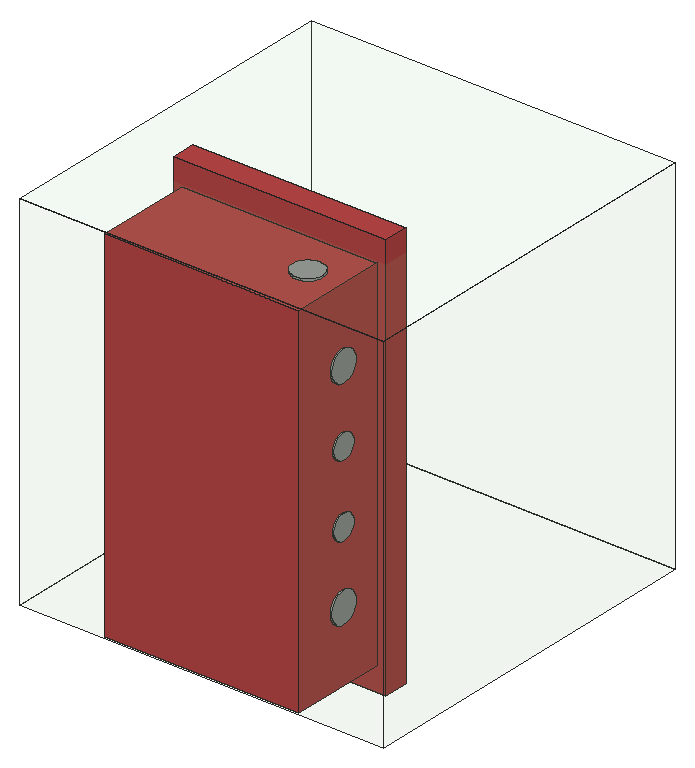
Revit family "ZETA_Коробка_Клемная_КСМР-20_IP54", category Электрические приборы, Revit 2021
Family settings
  Сохранять ориентацию аннотаций = Нет
  Размер круглого соединителя = Использовать диаметр
  Тип детали = Нормальный
  На основе рабочей плоскости = Да
  Всегда вертикально = Нет
  При загрузке вырезать с полостями = Нет
  Общий = Нет
  Точка принадлежности помещению = Да
Parameters (values of type "КСРМ-20")
  УГО_Ширина = 10 mm
  УГО_Смещение_Х [instance] = 0 mm
  УГО_Смещение_Y [instance] = 0 mm
  УГО_Высота = 5 mm
  Температура эксплуатации = "от -40°С до +60°С"
  Сечение жил до = "4мм2"
  Сертификат = "RU C-RU.АД84.В.00192/20"
  Потолочное размещение [instance] = no
  Default Elevation = 1219.2 mm
  Описание = "Коробки клеммные КСМР с наборными зажимами применяются для соединения\r\nи разветвления вторичных и силовых цепей, выполняемых контрольными кабелями\r\nс числом жил до 52 и силовыми кабелями с алюминиевыми или медными жилами\r\nсечением 1,5—4 мм2, проложенные в гибких металлорукавах трубной системы\r\nпрокладки кабелей по ГОСТ Р МЭК 61386.1-2014."
  Номинальный ток = "до 25A"
  Напряжение постоянного тока = "440 В"
  Напряжение переменного тока = "660 В"
  Крышка_Ширина = 160 mm
  Крышка_Длина = 190 mm
  Климатическое исполнение = "У2"
  Изготовитель = "АО «ЗЭТА»"  # constant formula
  Изготавливается по = "ТУ 27.33.13.120-047-99856433-2020"
  URL = "https://nzeta.ru/"
  D3 = 20 mm
  D2 = 32 mm
  D1 = 25 mm
  В_УГО_Смещение_У [instance] = УГО_Смещение_Y + 2000 mm  # 2000 mm
  В_УГО_Смещение_X [instance] = УГО_Смещение_Х + 2000 mm  # 2000 mm
  ADSK_Ток = 0 A
  ADSK_Степень защиты_IP = "IP54"
  ADSK_Размер_Ширина = 175 mm
  ADSK_Размер_УголПоворота [instance] = if(Потолочное размещение, -90.00°, 180.00°)  # 180.00°
  ADSK_Размер_Длина = 336 mm
  ADSK_Размер_Высота = 100 mm
  ADSK_Примечание [instance] = ""
  ADSK_Полная мощность = 0 VA
  ADSK_Позиция [instance] = ""
  ADSK_Обозначение = "KK"
  ADSK_Номинальная мощность = 0 W
  ADSK_Номер стояка = ""
  ADSK_Номер линии = 0
  ADSK_Напряжение = 230 V
  ADSK_Наименование краткое = "КСМР-20"
  ADSK_Наименование = "Коробка соединительная КСМР-20 У2 IP54 ГОФРОМАТИК"
  ADSK_Материал наименование = "Сталь оцинкованная"
  ADSK_Масса_Текст = "2,4"
  ADSK_Масса = 2.4
  ADSK_Марка = "КК КСМР-20 У2 IP54"
  ADSK_Коэффициент мощности = 1
  ADSK_Количество фаз числовое = 1
  ADSK_Количество фаз = 1
  ADSK_Количество = 1
  ADSK_Код изделия = "zeta30375"
  ADSK_Классификация нагрузок = Прочее
  ADSK_Завод-изготовитель = "АО «ЗЭТА»"  # constant formula
  ADSK_Единица измерения = "шт"  # constant formula
  ADSK_Версия семейства = "v.1"  # constant formula
  ADSK_Версия Revit = "2021"
  ADSK_URL страницы изделия = "https://nzeta.ru/catalog/?q=zeta30375"
  ADSK_URL документации изделия = "https://nzeta.ru/upload/uf/151/96q6qhiftaab7juagx7b3midontnu0y9/passport.pdf"
Types (2): name
  КСРМ-20
  КСРМ-20_IP54
Reference planes
  plane 1 "По центру (Вперед/Назад)": y = 0
  plane 2: z = 0
  plane 3 "По центру (Влево/Вправо)": x = 0
  plane 4: x = -2000
  plane 5: y = -2000
  plane 6: x = 0
  plane 7: y = 0
Lines and regions (mm)
  reference lines
    curve 1: line (0, 0, 0) -> (0, 0, -180)
    curve 2: line (0, 0, 0) -> (0, 140, 0)
Dimensions and locks
  "В_УГО_Смещение_X": plane 4 to plane 6
  "В_УГО_Смещение_У": plane 7 to plane 5
  angle curve 2 to curve 1 = 90.00°
  "ADSK_Размер_УголПоворота": angle plane 1 "По центру (Вперед/Назад)" to curve 1
  aligned and locked: level to plane 2
  aligned and locked: plane 6 to nested 1
  aligned and locked: nested 1 to plane 7
  aligned and locked: plane 2 to curve 2
  aligned and locked: plane 1 "По центру (Вперед/Назад)" to curve 1
  aligned and locked: nested 2 to curve 2
Nested families
  nested 1: "УГО_Клеменная_Коробка_(GenAnn)" at (0, 0, 0), УГО_Высота <- "УГО_Высота", УГО_Длина <- "УГО_Ширина", ADSK_Обозначение <- "ADSK_Обозначение", ADSK_Степень защиты_IP <- "ADSK_Степень защиты_IP", type "УГО_Клеменная_Коробка_(GenAnn)", detail levels coarse+medium
    with УГО_Длина 10 mm, УГО_Высота 5 mm, ADSK_Степень защиты_IP "IP54", ADSK_Обозначение "KK"
  nested 2: "ZETA_Коробка_Клемная_КСМР-20_Геометрия" at (0, 0, 0) x (0, 0, -1) z (0, 1, 0), type "КСМР-20", detail levels medium+fine
  nested 3: "Zeta_Зона обслуживания" at (0, 0, 0) x (-1, 0, 0) z (0, 0, -1), type "Зона обслуживания_Куб", detail levels medium+fine
    with Зона обслуживания_Ширина 300 mm, Зона обслуживания_Длина 300 mm, Зона обслуживания_Высота 300 mm
Connectors
  cabletrayconduit at (-81.999, 43.588, 88.893), diameter 32, driven by "D2"
    settings: on nested 2, index 2, connector width 300 mm, connector height 300 mm, connector angle 0.00°, system type 32, placement type 0, profile type 0, connector reference index -1, is primary connector yes, connector utility param no, connector description ""
  cabletrayconduit at (-81.999, 43.588, 0), diameter 25, driven by "D1"
    settings: on nested 2, index 3, connector width 300 mm, connector height 300 mm, connector angle 0.00°, system type 32, placement type 0, profile type 0, connector reference index -1, is primary connector no, connector utility param no, connector description ""
  cabletrayconduit at (-81.999, 43.588, -88.893), diameter 32, driven by "D2"
    settings: on nested 2, index 4, connector width 300 mm, connector height 300 mm, connector angle 0.00°, system type 32, placement type 0, profile type 0, connector reference index -1, is primary connector no, connector utility param no, connector description ""
  electrical at (0, 0, 0), driven by "ADSK_Количество фаз", driven by "ADSK_Классификация нагрузок", driven by "ADSK_Напряжение", driven by "ADSK_Полная мощность", driven by "ADSK_Коэффициент мощности"
    settings: on nested 2, index 5, voltage 230 V, apparent load 0 VA, apparent load phase1 0 VA, apparent load phase2 0 VA, apparent load phase3 0 VA, power factor 1, load classification "Прочее", number of poles 1, system type 30, power factor state 1, is connector primary yes, connector utility no, sub classification motor no, connector description ""
  cabletrayconduit at (81.928, 43.588, 89.057), diameter 25, driven by "D1"
    settings: on nested 2, index 7, connector width 300 mm, connector height 300 mm, connector angle 0.00°, system type 32, placement type 0, profile type 0, connector reference index -1, is primary connector no, connector utility param no, connector description ""
  cabletrayconduit at (81.928, 43.588, -89.057), diameter 25, driven by "D1"
    settings: on nested 2, index 8, connector width 300 mm, connector height 300 mm, connector angle 0.00°, system type 32, placement type 0, profile type 0, connector reference index -1, is primary connector no, connector utility param no, connector description ""
  cabletrayconduit at (81.928, 43.588, 29.686), diameter 20, driven by "D3"
    settings: on nested 2, index 9, connector width 300 mm, connector height 300 mm, connector angle 0.00°, system type 32, placement type 0, profile type 0, connector reference index -1, is primary connector no, connector utility param no, connector description ""
  cabletrayconduit at (81.928, 43.588, -29.686), diameter 20, driven by "D3"
    settings: on nested 2, index 10, connector width 300 mm, connector height 300 mm, connector angle 0.00°, system type 32, placement type 0, profile type 0, connector reference index -1, is primary connector no, connector utility param no, connector description ""
  cabletrayconduit at (-52.269, 43.588, -151.086), diameter 25, driven by "D1"
    settings: on nested 2, index 11, connector width 300 mm, connector height 300 mm, connector angle 0.00°, system type 32, placement type 0, profile type 0, connector reference index -1, is primary connector no, connector utility param no, connector description ""
  cabletrayconduit at (52.269, 43.588, 149.788), diameter 25, driven by "D1"
    settings: on nested 2, index 12, connector width 300 mm, connector height 300 mm, connector angle 0.00°, system type 32, placement type 0, profile type 0, connector reference index -1, is primary connector no, connector utility param no, connector description ""
Definition of nested family "ZETA_Коробка_Клемная_КСМР-20_Геометрия"
  Parameters (values of type "КСМР-20")
    Привязки_Штуцер = 177.786 mm
    Default Elevation = 1219.2 mm
    Основание_Ширина = ADSK_Размер_Ширина * 0.9142  # 159.985 mm
    Основание_Длина = ADSK_Размер_Длина * 0.8835  # 296.856 mm
    Manufacturer = "АО \"ЗЭТАРУС\""
    D3 = 20 mm
    D2 = 32 mm
    D1 = 25 mm
    ADSK_Размер_Ширина = 175 mm
    ADSK_Размер_Длина = 336 mm
    ADSK_Размер_Высота = 100 mm
  Reference planes
    plane 1 "По центру (Вперед/Назад)": y = 0
    plane 2: z = 0
    plane 3 "По центру (Влево/Вправо)": x = 0
    plane 4: x = -148.428
    plane 5: x = 148.428
    plane 6: y = -79.992
    plane 7: y = 79.993
    plane 8: x = -168
    plane 9: y = -87.5
    plane 10: x = 168
    plane 11: y = 87.5
    plane 12: z = 100
    plane 13: z = 79.822
    plane 14: y = -52.269
    plane 15: y = 52.269
    plane 16: z = 43.588
    plane 17: y = -81.999
    plane 18: y = 81.928
    plane 19: x = -88.893
    plane 20: x = 88.893
    plane 21: x = -29.686
    plane 22: x = -89.057
    plane 23: x = 29.686
    plane 24: x = 89.057
  Forms (mm)
    Extrusion 1, solid
      sketch origin (0, 0, 0) x (1, 0, 0) y (0, 1, 0)
        loop
          line (-148.428, 79.993) -> (-148.428, -79.992) -> (148.428, -79.992) -> (148.428, 79.993) -> (-148.428, 79.993)
      from 0 to 79.822
    Extrusion 2, solid
      sketch origin (0, 0, 0) x (1, 0, 0) y (0, 1, 0)
        loop
          line (-168, 87.5) -> (-168, -87.5) -> (168, -87.5) -> (168, 87.5) -> (-168, 87.5)
      from 100 to 79.822
    Extrusion 3, solid
      sketch origin (0, 0, 0) x (1, 0, 0) y (0, 0, 1)
        loop
          circle (-88.893, 43.588) r 16
      from 79.992 to 81.999
    Extrusion 4, solid
      sketch origin (43.5, 0, 0) x (1, 0, 0) y (0, 0, 1)
        loop
          circle (-43.5, 43.588) r 12.5
      from 81.999 to 79.992
    Extrusion 5, solid
      sketch origin (117, 0, 0) x (1, 0, 0) y (0, 0, 1)
        loop
          circle (-28.107, 43.588) r 16
      from 81.999 to 79.992
    Extrusion 6, solid
      sketch origin (85.899, 167.006, 14.478) x (1, 0, 0) y (0, 0, 1)
        loop
          circle (-115.585, 29.11) r 10
      from 85.079 to 87.014
    Extrusion 7, solid
      sketch origin (26.528, 167.006, 14.478) x (1, 0, 0) y (0, 0, 1)
        loop
          circle (-115.585, 29.11) r 12.5
      from 85.079 to 87.014
    Extrusion 8, solid
      sketch origin (145.27, 167.006, 14.478) x (1, 0, 0) y (0, 0, 1)
        loop
          circle (-115.585, 29.11) r 10
      from 85.079 to 87.014
    Extrusion 9, solid
      sketch origin (204.642, 167.006, 14.478) x (1, 0, 0) y (0, 0, 1)
        loop
          circle (-115.585, 29.11) r 12.5
      from 85.079 to 87.014
    Extrusion 10, solid
      sketch origin (-148.428, -79.992, 0) x (0, 1, 0) y (0, 0, -1)
        loop
          circle (132.261, -43.588) r 12.5
      from 0 to 1.36
    Extrusion 11, solid
      sketch origin (148.428, 79.993, 0) x (0, -1, 0) y (0, 0, -1)
        loop
          circle (132.261, -43.588) r 12.5
      from 0 to 2.658
  Dimensions and locks
    equal spacing: plane 4, plane 3 "По центру (Влево/Вправо)", plane 5
    equal spacing: plane 7, plane 1 "По центру (Вперед/Назад)", plane 6
    "Основание_Ширина": plane 7 to plane 6
    "Основание_Длина": plane 4 to plane 5
    equal spacing: plane 11, plane 1 "По центру (Вперед/Назад)", plane 9
    equal spacing: plane 8, plane 3 "По центру (Влево/Вправо)", plane 10
    "ADSK_Размер_Ширина": plane 11 to plane 9
    "ADSK_Размер_Длина": plane 8 to plane 10
    "ADSK_Размер_Высота": plane 12 to level
    locked: plane 6 to plane 17 at 2.006
    locked: plane 18 to plane 7 at 1.935
    equal spacing: plane 19, plane 3 "По центру (Влево/Вправо)", plane 20
    equal spacing: plane 4, plane 22, plane 21, plane 23, plane 24, plane 5
    "Привязки_Штуцер": plane 19 to plane 20
    equal spacing: plane 15, plane 1 "По центру (Вперед/Назад)", plane 14
    "D2": diameter of Extrusion 3 sketch curve
    "D1": diameter of Extrusion 4 sketch curve
    "D2": diameter of Extrusion 5 sketch curve
    "D3": diameter of Extrusion 6 sketch curve
    "D1": diameter of Extrusion 7 sketch curve
    "D3": diameter of Extrusion 8 sketch curve
    "D1": diameter of Extrusion 9 sketch curve
    "D1": diameter of Extrusion 10 sketch curve
    "D1": diameter of Extrusion 11 sketch curve
    aligned and locked: level to plane 2
    aligned and locked: Extrusion 1 sketch curve to plane 7
    aligned and locked: plane 4 to Extrusion 1 sketch curve
    aligned and locked: plane 6 to Extrusion 1 sketch curve
    aligned and locked: Extrusion 1 sketch curve to plane 5
    aligned and locked: Extrusion 2 sketch curve to plane 11
    aligned and locked: plane 8 to Extrusion 2 sketch curve
    aligned and locked: plane 9 to Extrusion 2 sketch curve
    aligned and locked: Extrusion 2 sketch curve to plane 10
    aligned and locked: Extrusion 2 to plane 13
    aligned and locked: Extrusion 1 to Extrusion 2
    aligned and locked: plane 16 to Extrusion 3 sketch curve
    aligned and locked: plane 6 to Extrusion 3
    aligned and locked: Extrusion 3 to plane 17
    aligned and locked: plane 18 to Extrusion 6
    aligned and locked: Extrusion 6 to plane 7
    aligned and locked: Extrusion 4 to Extrusion 1
    aligned and locked: Extrusion 4 to plane 17
    aligned and locked: Extrusion 5 to Extrusion 1
    aligned and locked: Extrusion 5 to plane 17
    aligned and locked: plane 19 to Extrusion 3 sketch curve
    aligned and locked: plane 20 to Extrusion 5 sketch curve
    aligned and locked: plane 16 to Extrusion 5 sketch curve
    aligned and locked: plane 16 to Extrusion 6 sketch curve
    aligned and locked: plane 21 to Extrusion 6 sketch curve
    aligned and locked: plane 14 to Extrusion 11 sketch curve
    aligned and locked: plane 15 to Extrusion 10 sketch curve
  Automatic sketch dimensions
    Extrusion 4 sketch curve to plane 3 "По центру (Влево/Вправо)" = 0 mm
    Extrusion 4 sketch curve to plane 16 = 0 mm
    Extrusion 7 sketch curve to plane 16 = 0 mm
    Extrusion 7 sketch curve to plane 22 = 0 mm
    Extrusion 8 sketch curve to plane 16 = 0 mm
    Extrusion 8 sketch curve to plane 23 = 0 mm
    Extrusion 9 sketch curve to plane 16 = 0 mm
    Extrusion 9 sketch curve to plane 24 = 0 mm
    Extrusion 1 to Extrusion 10 sketch curve = 36.234 mm
    Extrusion 1 to Extrusion 11 sketch curve = 36.234 mm
Definition of nested family "Zeta_Зона обслуживания"
  Parameters (values of type "Зона обслуживания_Куб")
    Default Elevation = 1219.2 mm
    Зона обслуживания_Ширина [instance] = 300 mm
    Зона обслуживания_Длина [instance] = 300 mm
    Зона обслуживания_Высота [instance] = 300 mm
  Reference planes
    plane 1 "По центру (Вперед/Назад)": y = 0
    plane 2: z = 0
    plane 3 "По центру (Влево/Вправо)": x = 0
    plane 4: x = -150
    plane 5: x = 150
    plane 6: y = 300
    plane 7: z = 150
    plane 8: z = -150
  Forms (mm)
    Extrusion 1, solid
      sketch origin (0, 0, 0) x (1, 0, 0) y (0, 1, 0)
        loop
          line (-150, 300) -> (-150, 0) -> (150, 0) -> (150, 300) -> (-150, 300)
      from -150 to 150
  Dimensions and locks
    equal spacing: plane 4, plane 3 "По центру (Влево/Вправо)", plane 5
    "Зона обслуживания_Ширина": plane 6 to plane 1 "По центру (Вперед/Назад)"
    "Зона обслуживания_Длина": plane 4 to plane 5
    equal spacing: plane 7, level, plane 8
    "Зона обслуживания_Высота": plane 7 to plane 8
    aligned and locked: level to plane 2
    aligned and locked: Extrusion 1 sketch curve to plane 6
    aligned and locked: plane 4 to Extrusion 1 sketch curve
    aligned and locked: Extrusion 1 sketch curve to plane 5
    aligned and locked: Extrusion 1 to plane 8
    aligned and locked: plane 7 to Extrusion 1
    aligned and locked: plane 1 "По центру (Вперед/Назад)" to Extrusion 1
  Automatic sketch dimensions
    plane 1 "По центру (Вперед/Назад)" to Extrusion 1 sketch curve = 0 mm
Definition of nested family "УГО_Клеменная_Коробка_(GenAnn)"
  Parameters (values of type "УГО_Клеменная_Коробка_(GenAnn)")
    УГО_Длина [instance] = 10 mm
    УГО_Высота [instance] = 5 mm
    ADSK_Степень защиты_IP [instance] = ""
    ADSK_Обозначение [instance] = ""
  Reference planes
    plane 1: y = 0
    plane 2: x = 0
  Lines and regions (mm)
    Filled region 1, type "Filled region 1"
      outline origin (0, 0, 0) x (1, 0, 0) y (0, 1, 0)
        loop
          line (-5, 2.5) -> (-5, -2.5) -> (5, -2.5) -> (5, 2.5) -> (-5, 2.5)
    reference lines
      curve 1: line (-5, 2.5, 0) -> (-5, -2.5, 0)
      curve 2: line (-5, -2.5, 0) -> (5, -2.5, 0)
      curve 3: line (5, 2.5, 0) -> (5, -2.5, 0)
      curve 4: line (-5, 2.5, 0) -> (5, 2.5, 0)
  Text (mm)
    label "KK IP 54" at (0.033, -0.03, 0), shows "ADSK_Обозначение", "ADSK_Степень защиты_IP"
  Dimensions and locks
    equal spacing: curve 1, plane 2, curve 3
    equal spacing: curve 2, plane 1, curve 4
    "УГО_Длина": curve 1 to curve 3
    "УГО_Высота": curve 2 to curve 4
    aligned and locked: Filled region 1 sketch curve to curve 4
    aligned and locked: Filled region 1 sketch curve to curve 1
    aligned and locked: Filled region 1 sketch curve to curve 2
    aligned and locked: Filled region 1 sketch curve to curve 3
